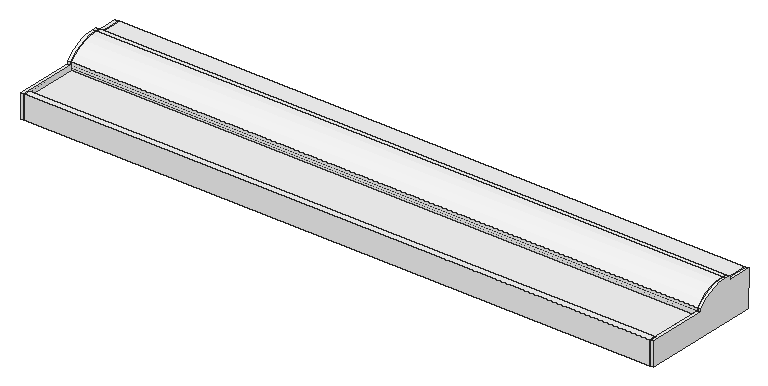
Revit family "LED Concealed Cove", category Lighting Fixtures, host Face, Revit 2021
Family settings
  Host = Face
  Round Connector Dimension = Use Diameter
  Part Type = Normal
  OmniClass Number = 23.80.70.11.14.17
  OmniClass Title = Direct/Indirect
  Cut with Voids When Loaded = No
  Light Source = Yes
  Shared = Yes
  Room Calculation Point = No
Parameters (values of type "15L-CC-02")
  zz Length 1 = 24.063"
  Wattage = 4 W
  Warranty = "5 years warranty"  # constant formula
  built-in parameter 1150110 = 1 (stored number, unit not read)
  Type Comments = "Lighting Fixture"  # constant formula
  built-in parameter 1114217 = 1 (stored number, unit not read)
  Tilt Angle = 90.00°
  built-in parameter 1150109 = 1 (stored number, unit not read)
  built-in parameter 1150134 = (empty or 0)
  built-in parameter 1150113 = 1 (stored number, unit not read)
  Power Factor = 1
  Photometric Web File = "15L-CC-AI-02-Cx-35K-I030.ies"
  Mounting = "Perimeter"  # constant formula
  Voltage = 120 V
  Wattage Comments = ""
  URL = "https://www.currentlighting.com/litecontrol"
  Product Page URL = ""
  Product Documentation Link = ""
  Model = "LED Concealed Cove"  # constant formula
  Manufacturer = "Litecontrol"  # constant formula
  built-in parameter 1150105 = 23.873 (stored number, unit not read)
  Lumens = 300 lm
  built-in parameter 1150115 = 1 (stored number, unit not read)
  Load Classification = Lighting
  built-in parameter 1150137 = (empty or 0)
  built-in parameter 1150139 = (empty or 0)
  Light Distribution = "Asymmetric Indirect"  # constant formula
  built-in parameter 1150112 = 1 (stored number, unit not read)
  built-in parameter 1150114 = 1 (stored number, unit not read)
  Lamp = "LED"  # constant formula
  built-in parameter 1150132 = (empty or 0)
  built-in parameter 1150102 = (empty or 0)
  built-in parameter 1150107 = 3500 (stored number, unit not read)
  built-in parameter 1150138 = (empty or 0)
  built-in parameter 1150106 = 0.23873 (stored number, unit not read)
  Glass = White Glass
  Emit from Rectangle Width = zz Length 1 - 0.250"  # 23.813"
  Emit from Rectangle Length = 1.500"  # constant formula
  Emit Shape Visible in Rendering = no
  built-in parameter 1150104 = 6.9677 (stored number, unit not read)
  Dimming Lamp Color Temperature Shift = <None>
  Description = "Concealed LED Cove-15 is designed for installation into a field-constructed architectural cove"  # constant formula
  Default Elevation = 48.000"
  Copyright = "Copyright ©  Litecontrol"  # constant formula
  Contact Us = ""
  Color Filter = 16777215
  built-in parameter 1114218 = 1 (stored number, unit not read)
  Backbox = Paint - Matte White
  built-in parameter 1150133 = 10 (stored number, unit not read)
  Assembly Code = "D5020210"
  Apparent Load = 0 VA
Types (6): name | zz Length 1 | Emit from Rectangle Width
  (no name) | 24.063" | 23.813"
  15L-CC-04 | 48.000" | 47.750"
  15L-CC-02 | 24.063" | 23.813"
  15L-CC-03 | 36.031" | 35.781"
  15L-CC-06 | 72.000" | 71.750"
  15L-CC-08 | 96.000" | 95.750"
Reference planes (in)
  plane 1 "Center (Front/Back)": y = 0.03999
  plane 2: z = 0
  plane 3 "Center (Left/Right)": x = 1.66944
Dimensions and locks (in)
  aligned and locked: plane 2 to host face
  aligned and locked: level to host face
  aligned and locked: nested 1 to plane 3 "Center (Left/Right)"
  aligned and locked: nested 1 to plane 1 "Center (Front/Back)"
Nested families (in)
  nested 1: "15L-CC-Housing" at (-0.37823, 0.07998, 0) x (-1, 0, 0) z (0, 0, 1), Glass <- "Glass", Backbox <- "Backbox", Row Length <- "zz Length 1", type "15L-CC-Housing"
    with Row Length 24.063", Glass White Glass, Backbox Paint - Matte White
Connectors (in)
  electrical at (1.66944, 0.03999, 0), driven by "Load Classification", driven by "Voltage", driven by "Apparent Load", driven by "Power Factor"
    settings: on nested 1, index 1, voltage 120 V, apparent load 0 VA, apparent load phase1 0 VA, apparent load phase2 0 VA, apparent load phase3 0 VA, power factor 1, load classification "Lighting", number of poles 1, system type 30, power factor state 1, is connector primary yes, connector utility no, sub classification motor no, connector description "Electrical Connector"
Definition of nested family "15L-CC-Housing"
  Parameters
    Wattage Comments = ""
    URL = ""
    Row Length [instance] = 48.000"
    Model = ""
    Manufacturer = ""
    Lamp = ""
    Glass [instance] = none
    Description = ""
    Default Elevation = 48.000"
    Backbox [instance] = none
  Reference planes (in)
    plane 1 "Center (Front/Back)": y = 0.03999
    plane 2: z = 0
    plane 3 "Center (Left/Right)": x = -2.04767
    plane 4: x = -26.04767
    plane 5: x = 21.95233
    plane 6: x = -25.92267
    plane 7: x = 21.82733
    plane 8: z = 1.375
    plane 9: z = 0.875
    plane 10: y = 2.28999
    plane 11: y = -2.21001
  Forms (in)
    Extrusion 1, solid
      sketch origin (0, 0, 0.06357) x (1, 0, 0) y (0, 1, 0)
        loop
          line (-48, 48) -> (-48, -48) -> (48, -48) -> (48, 48) -> (-48, 48)
      from -0.06357 to -17.74365
    Extrusion 2, solid, material <- "Backbox"
      sketch origin (-2.04767, 0, 0) x (0, 1, 0) y (0, 0, 1)
        loop
          line (2.28999, 0.875) -> (2.04209, 0.875) -> (2.04209, 0.70254) -> (0.03999, 0.70254) -> (0.03999, 0.98507)
          arc (0.03999, 0.98507) -> (-0.4887, 1.37613) -> (-1.13153, 1.51469) r 1.56053
          line (-1.13153, 1.51469) -> (-1.31512, 1.51469) -> (-1.31512, 1.375) -> (-2.21001, 1.375) -> (-2.21001, 0) -> (2.28999, 0) -> (2.28999, 0.875)
      from -23.875 to 23.875
    Extrusion 3, solid, material <- "Glass"
      sketch origin (-2.04767, 0, 0.07813) x (0, 1, 0) y (0, 0, 1)
        loop
          line (2.04209, 0.74207) -> (0.03999, 0.79994) -> (0.03999, 0.71025) -> (2.04209, 0.65238) -> (2.04209, 0.74207)
      from -23.875 to 23.875
    Extrusion 4, solid, material <- "Backbox"
      sketch origin (-2.04767, 0, 0) x (0, 1, 0) y (0, 0, 1)
        loop
          line (2.28999, 0) -> (2.28999, 0.875) -> (0.03999, 0.875) -> (0.03999, 0.98507)
          arc (0.03999, 0.98507) -> (-0.4887, 1.37613) -> (-1.13153, 1.51469) r 1.56053
          line (-1.13153, 1.51469) -> (-1.31512, 1.51469) -> (-1.31512, 1.375) -> (-2.21001, 1.375) -> (-2.21001, 0) -> (2.28999, 0)
      from 23.875 to 24
    Extrusion 5, solid, material <- "Backbox"
      sketch origin (-2.04767, 0, 0) x (0, 1, 0) y (0, 0, -1)
        loop
          line (2.28999, 0) -> (-2.21001, 0) -> (-2.21001, -1.375) -> (-1.31512, -1.375) -> (-1.31512, -1.51469) -> (-1.13153, -1.51469)
          arc (-1.13153, -1.51469) -> (-0.4887, -1.37613) -> (0.03999, -0.98507) r 1.56053
          line (0.03999, -0.98507) -> (0.03999, -0.875) -> (2.28999, -0.875) -> (2.28999, 0)
      from 23.875 to 24
  Dimensions and locks (in)
    equal spacing: plane 5, plane 3 "Center (Left/Right)", plane 4
    locked: plane 6 to plane 4 at 0.125
    "Row Length": plane 5 to plane 4
    equal spacing: plane 7, plane 3 "Center (Left/Right)", plane 6
    plane 8 to plane 2 = 1.375"
    plane 9 to plane 2 = 0.875"
    equal spacing: plane 10, plane 1 "Center (Front/Back)", plane 11
    plane 10 to plane 11 = 4.500"
    aligned and locked: plane 2 to Extrusion 1
    aligned and locked: plane 10 to Extrusion 2 sketch curve
    aligned and locked: Extrusion 2 sketch curve to plane 11
    aligned and locked: Extrusion 2 sketch curve to plane 8
    aligned and locked: Extrusion 2 sketch curve to plane 9
    aligned and locked: plane 2 to Extrusion 2 sketch curve
    aligned and locked: plane 7 to Extrusion 3
    aligned and locked: Extrusion 3 to plane 6
    aligned and locked: Extrusion 2 to plane 6
    aligned and locked: plane 7 to Extrusion 2
    aligned and locked: plane 5 to Extrusion 4
    aligned and locked: Extrusion 4 to plane 7
    aligned and locked: Extrusion 5 to plane 4
    aligned and locked: plane 6 to Extrusion 5
  Automatic sketch dimensions
    Extrusion 1 sketch curve to Extrusion 1 sketch curve = 96.000"  (x2)
    Extrusion 2 sketch curve to plane 1 "Center (Front/Back)" = 0.000"
    plane 8 to Extrusion 2 sketch curve = 0.13969"
    Extrusion 2 sketch curve to plane 11 = 0.89489"
    Extrusion 2 sketch curve to Extrusion 2 sketch curve = 0.18359"
    plane 10 to Extrusion 2 sketch curve = 0.24791"
    Extrusion 2 sketch curve to level = 0.04584"
    Extrusion 2 sketch curve to plane 9 = 0.17246"
    Extrusion 3 sketch curve to plane 1 "Center (Front/Back)" = 0.000"
    plane 10 to Extrusion 3 sketch curve = 0.24791"
    Extrusion 3 sketch curve to plane 9 = 0.14449"
    Extrusion 3 sketch curve to plane 9 = 0.08663"
    Extrusion 3 sketch curve to plane 9 = 0.0548"
    plane 9 to Extrusion 3 sketch curve = 0.00306"
    Extrusion 4 sketch curve to level = 0.000"
    Extrusion 4 sketch curve to plane 11 = 0.000"
    Extrusion 4 sketch curve to plane 8 = 0.000"
    Extrusion 4 sketch curve to plane 1 "Center (Front/Back)" = 0.000"
    Extrusion 4 sketch curve to plane 9 = 0.000"
    Extrusion 4 sketch curve to plane 10 = 0.000"
    plane 8 to Extrusion 4 sketch curve = 0.13969"
    Extrusion 4 sketch curve to plane 11 = 0.89489"
    Extrusion 4 sketch curve to level = 0.04584"
    Extrusion 4 sketch curve to Extrusion 4 sketch curve = 1.07848"
    Extrusion 5 sketch curve to level = 0.000"
    Extrusion 5 sketch curve to plane 11 = 0.000"
    Extrusion 5 sketch curve to plane 8 = 0.000"
    Extrusion 5 sketch curve to plane 1 "Center (Front/Back)" = 0.000"
    Extrusion 5 sketch curve to plane 9 = 0.000"
    Extrusion 5 sketch curve to plane 10 = 0.000"
    plane 8 to Extrusion 5 sketch curve = 0.13969"
    Extrusion 5 sketch curve to plane 11 = 0.89489"
    Extrusion 5 sketch curve to level = 0.04584"
    Extrusion 5 sketch curve to Extrusion 5 sketch curve = 1.07848"
